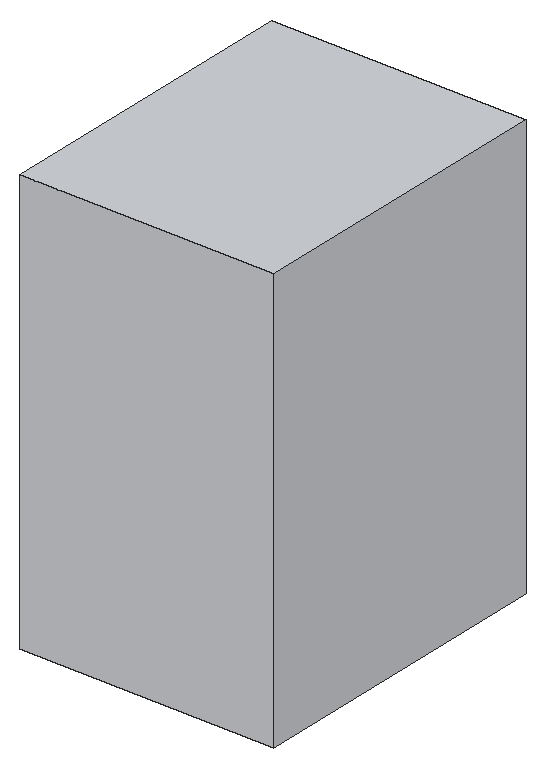
Revit family
Parameters
  d1 = 0' - 2 1/2"
  Warranty Duration (Years) = 0
  Unit Width [instance] = 0' - 0"
  Unit Height [instance] = 0' - 0"
  Unit Depth = 0' - 0"
  URL = "http://www.americanspecialties.com/viewCategories.cfm"
  Trim Material = Metal - Stainless Steel
  Test Data = ""
  Specification = "http://www.arcat.com/sdspecs/htm/10810asi.htm"
  SpecWizard = ""
  Send Message = "http://www.arcat.com/users.pl?action=UserEmail&company=American%20Specialties,%20Inc.&coid=30448&rep=139&fax=914-476-0688&mf="
  Sales Information = "http://www.americanspecialties.com/contact"
  Revision = "R1_10-2010"
  Product Properties = "http://www.americanspecialties.com/datasheets/0032.pdf"
  Product Data = "http://www.arcat.com/arcatcos/cos30/arc30448.html"
  Paper Roll = Paper
  Model = "As Specified in 10 28 13"
  Manufacturer Website = "http://www.americanspecialties.com/viewCategories.cfm"
  Manufacturer Phone - Toll Free = ""
  Manufacturer Phone = "914-476-9000 "
  Manufacturer Fax = "914-476-0688"
  Manufacturer Address = "441 Saw Mill River Rd., Yonkers, NY 10701"
  Manufacturer = "American Specialties, Inc."
  Maintenance Schedule (Months) = 0
  Keynote = "10 28 13"
  Installation-Fabrication = "http://www.americanspecialties.com/products.cfm"
  Green Building-LEED = ""
  Expected Lifespan (Years) = 0
  Drawn By = "Robert S. Weygant. CSI, CDT, SCIP"  # constant formula
  Description = "Toilet Accessory as Specified in 10 28 13"
  Default Elevation = 4' - 0"
  Copyright = "©Arcat Inc."
  Construction Details = "http://www.arcat.com/green/clients/leed_data_30448.html"
  Building Codes = "http://www.americanspecialties.com/products.cfm"
  Body Material = Metal - Stainless Steel
  Assembly Code = "C1030210"
Reference planes (in)
  plane 1 "Center (Front/Back)": y = -0.29112
  plane 2 "Floor Line": z = 0
  plane 3 "Center (Left/Right)": x = -0.65843
  plane 4 "A": z = -2.5
Forms (in)
  Extrusion 1, solid
    sketch origin (-3, -9, -6) x (0, 0, -1) y (1, 0, 0)
      loop
        line (-82, 26) -> (-82, -19.34712) -> (-6, -19.34712) -> (-6, 26) -> (-82, 26)
    from 15.29112 to -41.06337
  Extrusion 2, solid, material "Paper" <- "Paper Roll"
    sketch origin (-0.65843, 0, 0) x (0, 1, 0) y (0, 0, 1)
      loop
        circle (-3.33228, -0.25) r 2.5
      loop
        circle (2.75005, -0.25) r 2.5
    from -0.59559 to -6.21691
  Extrusion 3, solid, material "Metal - Stainless Steel" <- "Body Material"
    sketch origin (-6.8125, 0, -3.625) x (1, 0, 0) y (0, 1, 0)
      loop
        line (-0.15843, 5.67763) -> (-0.15843, -6.25987) -> (5.65407, -6.25987) -> (5.65407, 5.67763) -> (-0.15843, 5.67763)
      loop
        line (-0.09593, 5.61513) -> (-0.09593, -6.19737) -> (5.59157, -6.19737) -> (5.59157, 5.61513) -> (-0.09593, 5.61513)
    from 0.79232 to 5
  Extrusion 4, solid, material "Metal - Stainless Steel" <- "Body Material"
    sketch origin (0, 0, -2.5) x (-1, 0, 0) y (0, -1, 0)
      loop
        line (7.97093, -6.67763) -> (7.97093, 7.25987) -> (-6.65407, 7.25987) -> (-6.65407, -6.67763) -> (7.97093, -6.67763)
      loop
        line (6.97093, -5.67763) -> (6.97093, 6.25987) -> (1.15843, 6.25987) -> (1.15843, -5.67763) -> (6.97093, -5.67763)
      loop
        line (-5.65407, 6.25987) -> (-5.65407, -5.67763) -> (0.15843, -5.67763) -> (0.15843, 6.25987) -> (-5.65407, 6.25987)
    from 0 to -0.25
  Extrusion 5, solid, material "Paper" <- "Paper Roll"
    sketch origin (-0.65843, 0, -1) x (0, 1, 0) y (0, 0, -1)
      loop
        circle (-3.33228, 1.25) r 2.5
      loop
        circle (2.75005, 1.25) r 2.5
    from -0.59559 to -6.21691
  Extrusion 6, solid, material "Metal - Stainless Steel" <- "Body Material"
    sketch origin (5.49563, 0, 1.70165) x (1, 0, 0) y (0, 1, 0)
      loop
        line (0.15843, 5.67763) -> (-5.65407, 5.67763) -> (-5.65407, -6.25987) -> (0.15843, -6.25987) -> (0.15843, 5.67763)
    from 0 to 0.0625
  Extrusion 7, solid, material "Metal - Stainless Steel" <- "Body Material"
    sketch origin (5.49563, 0, -2.3125) x (0, 1, 0) y (-1, 0, 0)
      loop
        line (5.67763, -0.15843) -> (5.67763, 5.65407) -> (-6.25987, 5.65407) -> (-6.25987, -0.15843) -> (5.67763, -0.15843)
      loop
        line (5.61513, -0.09593) -> (5.61513, 5.59157) -> (-6.19737, 5.59157) -> (-6.19737, -0.09593) -> (5.61513, -0.09593)
    from -0.1875 to 4.16292
  Extrusion 8, solid, material "Metal - Stainless Steel" <- "Body Material"
    sketch origin (0, 0, 0) x (1, 0, 0) y (0, 1, 0)
      loop
        line (-7.97093, 6.67763) -> (-7.97093, -7.25987) -> (6.65407, -7.25987) -> (6.65407, 6.67763) -> (-7.97093, 6.67763)
      loop
        line (-6.97093, 5.67763) -> (-6.97093, -6.25987) -> (-1.15843, -6.25987) -> (-1.15843, 5.67763) -> (-6.97093, 5.67763)
      loop
        line (5.65407, -6.25987) -> (5.65407, 5.67763) -> (-0.15843, 5.67763) -> (-0.15843, -6.25987) -> (5.65407, -6.25987)
    from 0 to 0.25
  Extrusion 9, solid, material "Metal - Stainless Steel" <- "Body Material"
    sketch origin (-5.09593, 0, -4.75) x (0, 1, 0) y (0, 0, 1)
      loop
        line (5.67763, 5.125) -> (5.67763, 6.44755) -> (1.13386, 7.49656) -> (1.10001, 7.44023) -> (5.61513, 6.39783) -> (5.61513, 5.125) -> (5.67763, 5.125)
    from -1.9375 to 4
  Extrusion 10, solid, material "Metal - Stainless Steel" <- "Body Material"
    sketch origin (-7.03343, 0, -4.75) x (0, 1, 0) y (0, 0, 1)
      loop
        line (5.67763, 6.44755) -> (1.13386, 7.49656) -> (-0.07237, 5.125) -> (5.67763, 5.125) -> (5.67763, 6.44755)
    from 0 to 0.0625
  Extrusion 11, solid, material "Metal - Stainless Steel" <- "Body Material"
    sketch origin (-1.09593, 0, -4.75) x (0, 1, 0) y (0, 0, -1)
      loop
        line (5.67763, -6.44755) -> (5.67763, -5.125) -> (-0.07237, -5.125) -> (1.13386, -7.49656) -> (5.67763, -6.44755)
    from 0 to 0.0625
  Extrusion 12, solid, material "Metal - Stainless Steel" <- "Trim Material"
    sketch origin (0, -1.10618, 0.44138) x (1, 0, 0) y (0, 0.97437, -0.224951)
      loop
        circle (-4.06468, 4.52605) r 0.5
      loop
        line (-4.10676, 4.98569) -> (-4.10676, 4.0813) -> (-4.02766, 4.0813) -> (-4.02766, 4.98569) -> (-4.10676, 4.98569)
    from 2.75 to 2.8125
  Extrusion 13, solid, material "Metal - Stainless Steel" <- "Body Material"
    sketch origin (3.77907, 0, 3.75) x (0, 1, 0) y (0, 0, -1)
      loop
        line (5.67763, 6.625) -> (5.67763, 7.94755) -> (1.13386, 8.99656) -> (1.10001, 8.94023) -> (5.61513, 7.89783) -> (5.61513, 6.625) -> (5.67763, 6.625)
    from -1.9375 to 4
  Extrusion 14, solid, material "Metal - Stainless Steel" <- "Body Material"
    sketch origin (5.71657, 0, 3.75) x (0, 1, 0) y (0, 0, -1)
      loop
        line (5.67763, 7.94755) -> (1.13386, 8.99656) -> (-0.07237, 6.625) -> (5.67763, 6.625) -> (5.67763, 7.94755)
    from 0 to 0.0625
  Extrusion 15, solid, material "Metal - Stainless Steel" <- "Body Material"
    sketch origin (-0.22093, 0, 3.75) x (0, 1, 0) y (0, 0, 1)
      loop
        line (5.67763, -7.94755) -> (5.67763, -6.625) -> (-0.07237, -6.625) -> (1.13386, -8.99656) -> (5.67763, -7.94755)
    from 0 to 0.0625
  Extrusion 16, solid, material "Metal - Stainless Steel" <- "Body Material"
    sketch origin (-6.8125, 0, -2.77018) x (0, 1, 0) y (1, 0, 0)
      loop
        line (5.67763, -0.15843) -> (5.67763, 5.65407) -> (-6.25987, 5.65407) -> (-6.25987, -0.15843) -> (5.67763, -0.15843)
    from 0 to 0.0625
  Extrusion 17, solid, material "Paper" <- "Paper Roll"
    sketch origin (3.77907, 5.67763, -4.19755) x (0, -0.97437, -0.224951) y (-1, 0, 0)
      loop
        circle (1.4051, 0.92943) r 0.5
      loop
        line (0.94547, 0.88735) -> (1.84985, 0.88735) -> (1.84985, 0.96645) -> (0.94547, 0.96645) -> (0.94547, 0.88735)
    from 0 to 0.0625
  Extrusion 18, void
    sketch origin (0, 0, 0) x (1, 0, 0) y (0, 1, 0)
      loop
        line (-0.15843, 5.61513) -> (-0.15843, -6.19737) -> (5.65407, -6.19737) -> (5.65407, 5.61513) -> (-0.15843, 5.61513)
    from 0 to -2.5
  Extrusion 19, void
    sketch origin (-0.86392, 0, 0) x (1, 0, 0) y (0, 1, 0)
      loop
        line (-6.10701, 5.67763) -> (-6.10701, -6.25987) -> (-0.29451, -6.25987) -> (-0.29451, 5.67763) -> (-6.10701, 5.67763)
    from 0 to -2.5
Cuts and joins
  joined: Extrusion 6, Extrusion 7
  Extrusion 18, Extrusion 19 cuts Extrusion 8
  Extrusion 19 cuts Extrusion 9
  Extrusion 19 cuts Extrusion 10
  Extrusion 19 cuts Extrusion 11
Dimensions and locks (in)
  "d1": level to plane 4 "A"
  aligned and locked: Extrusion 1 to level
  aligned and locked: Extrusion 8 to plane 2 "Floor Line"
  aligned and locked: Extrusion 3 to Extrusion 16
  aligned and locked: Extrusion 7 to Extrusion 4
  aligned and locked: Extrusion 18 to Extrusion 4
Automatic sketch dimensions
  Extrusion 1 sketch curve to Extrusion 1 sketch curve = 6' - 4"
  Extrusion 1 sketch curve to Extrusion 1 sketch curve = 3' - 9.34712"
  Extrusion 2 sketch curve to level = 0' - 0 1/4"  (x2)
  plane 1 "Center (Front/Back)" to Extrusion 2 sketch curve = 0' - 3.04116"
  Extrusion 2 sketch curve to plane 1 "Center (Front/Back)" = 0' - 3.04116"
  Extrusion 3 sketch curve to plane 3 "Center (Left/Right)" = 0' - 6 5/16"
  Extrusion 3 sketch curve to Extrusion 3 sketch curve = 0' - 0 1/16"  (x4)
  Extrusion 3 sketch curve to plane 3 "Center (Left/Right)" = 0' - 0 9/16"
  plane 1 "Center (Front/Back)" to Extrusion 3 sketch curve = 0' - 5 31/32"
  Extrusion 3 sketch curve to plane 1 "Center (Front/Back)" = 0' - 5 29/32"
  plane 4 "A" to Extrusion 5 sketch curve = 0' - 0 1/4"  (x2)
  plane 1 "Center (Front/Back)" to Extrusion 5 sketch curve = 0' - 3.04116"
  Extrusion 5 sketch curve to plane 1 "Center (Front/Back)" = 0' - 3.04116"
  plane 3 "Center (Left/Right)" to Extrusion 6 sketch curve = 0' - 0 1/2"
  Extrusion 6 sketch curve to Extrusion 6 sketch curve = 0' - 5 13/16"
  plane 1 "Center (Front/Back)" to Extrusion 6 sketch curve = 0' - 5 31/32"
  Extrusion 6 sketch curve to plane 1 "Center (Front/Back)" = 0' - 5 31/32"
  plane 3 "Center (Left/Right)" to Extrusion 7 sketch curve = 0' - 0 1/2"
  plane 1 "Center (Front/Back)" to Extrusion 7 sketch curve = 0' - 5 31/32"
  Extrusion 7 sketch curve to Extrusion 7 sketch curve = 0' - 0 1/16"  (x3)
  plane 3 "Center (Left/Right)" to Extrusion 7 sketch curve = 0' - 0 9/16"
  Extrusion 7 sketch curve to plane 1 "Center (Front/Back)" = 0' - 5 29/32"
  Extrusion 7 sketch curve to Extrusion 7 sketch curve = 0' - 5 11/16"
  Extrusion 8 sketch curve to plane 3 "Center (Left/Right)" = 0' - 7 5/16"
  Extrusion 8 sketch curve to Extrusion 8 sketch curve = 0' - 1"  (x3)
  Extrusion 8 sketch curve to plane 3 "Center (Left/Right)" = 0' - 0 1/2"
  plane 3 "Center (Left/Right)" to Extrusion 8 sketch curve = 0' - 0 1/2"
  Extrusion 8 sketch curve to Extrusion 8 sketch curve = 0' - 5 13/16"
  plane 1 "Center (Front/Back)" to Extrusion 8 sketch curve = 0' - 6 31/32"
  plane 1 "Center (Front/Back)" to Extrusion 8 sketch curve = 0' - 5 31/32"
  Extrusion 8 sketch curve to Extrusion 8 sketch curve = 0' - 0"
  Extrusion 8 sketch curve to plane 1 "Center (Front/Back)" = 0' - 5 31/32"  (x2)
  Extrusion 9 sketch curve to plane 1 "Center (Front/Back)" = 0' - 1.39113"
  Extrusion 9 sketch curve to Extrusion 9 sketch curve = 0' - 0.03385"
  level to Extrusion 9 sketch curve = 0' - 0 3/8"
  Extrusion 9 sketch curve to Extrusion 9 sketch curve = 0' - 4.48127"
  Extrusion 9 sketch curve to Extrusion 9 sketch curve = 0' - 0 1/16"
  Extrusion 9 sketch curve to Extrusion 9 sketch curve = 0' - 1.27283"
  Extrusion 9 sketch curve to Extrusion 9 sketch curve = 0' - 0.04971"
  level to Extrusion 9 sketch curve = 0' - 2.69023"
  Extrusion 9 sketch curve to Extrusion 9 sketch curve = 0' - 0.05633"
  Extrusion 10 sketch curve to plane 1 "Center (Front/Back)" = 0' - 0 7/32"
  Extrusion 10 sketch curve to plane 1 "Center (Front/Back)" = 0' - 1.42498"
  level to Extrusion 10 sketch curve = 0' - 0 3/8"
  Extrusion 10 sketch curve to Extrusion 10 sketch curve = 0' - 4.54377"
  Extrusion 10 sketch curve to Extrusion 10 sketch curve = 0' - 1.32255"
  Extrusion 10 sketch curve to Extrusion 10 sketch curve = 0' - 2.37156"
  Extrusion 11 sketch curve to plane 1 "Center (Front/Back)" = 0' - 0 7/32"
  Extrusion 11 sketch curve to plane 1 "Center (Front/Back)" = 0' - 1.42498"
  level to Extrusion 11 sketch curve = 0' - 0 3/8"
  Extrusion 11 sketch curve to Extrusion 11 sketch curve = 0' - 4.54377"
  Extrusion 11 sketch curve to Extrusion 11 sketch curve = 0' - 1.32255"
  Extrusion 11 sketch curve to Extrusion 11 sketch curve = 0' - 2.37156"
  Extrusion 12 sketch curve to plane 3 "Center (Left/Right)" = 0' - 3.44833"
  Extrusion 12 sketch curve to Extrusion 12 sketch curve = 0' - 0.04208"
  Extrusion 12 sketch curve to Extrusion 12 sketch curve = 0' - 0.0791"
  Extrusion 12 sketch curve to Extrusion 12 sketch curve = 0' - 0.44475"
  Extrusion 12 sketch curve to Extrusion 12 sketch curve = 0' - 0.45963"
  Extrusion 13 sketch curve to plane 1 "Center (Front/Back)" = 0' - 1.39113"
  Extrusion 13 sketch curve to Extrusion 13 sketch curve = 0' - 0.03385"
  Extrusion 13 sketch curve to plane 4 "A" = 0' - 0 3/8"
  Extrusion 13 sketch curve to Extrusion 13 sketch curve = 0' - 4.48127"
  Extrusion 13 sketch curve to Extrusion 13 sketch curve = 0' - 0 1/16"
  Extrusion 13 sketch curve to Extrusion 13 sketch curve = 0' - 1.27283"
  Extrusion 13 sketch curve to Extrusion 13 sketch curve = 0' - 0.04971"
  Extrusion 13 sketch curve to plane 4 "A" = 0' - 2.69023"
  Extrusion 13 sketch curve to Extrusion 13 sketch curve = 0' - 0.05633"
  Extrusion 14 sketch curve to plane 1 "Center (Front/Back)" = 0' - 0 7/32"
  Extrusion 14 sketch curve to plane 1 "Center (Front/Back)" = 0' - 1.42498"
  Extrusion 14 sketch curve to plane 4 "A" = 0' - 0 3/8"
  Extrusion 14 sketch curve to Extrusion 14 sketch curve = 0' - 4.54377"
  Extrusion 14 sketch curve to Extrusion 14 sketch curve = 0' - 1.32255"
  Extrusion 14 sketch curve to Extrusion 14 sketch curve = 0' - 2.37156"
  Extrusion 15 sketch curve to plane 1 "Center (Front/Back)" = 0' - 0 7/32"
  Extrusion 15 sketch curve to plane 1 "Center (Front/Back)" = 0' - 1.42498"
  Extrusion 15 sketch curve to plane 4 "A" = 0' - 0 3/8"
  Extrusion 15 sketch curve to Extrusion 15 sketch curve = 0' - 4.54377"
  Extrusion 15 sketch curve to Extrusion 15 sketch curve = 0' - 1.32255"
  Extrusion 15 sketch curve to Extrusion 15 sketch curve = 0' - 2.37156"
  plane 1 "Center (Front/Back)" to Extrusion 16 sketch curve = 0' - 5 31/32"
  Extrusion 16 sketch curve to plane 1 "Center (Front/Back)" = 0' - 5 31/32"
  Extrusion 16 sketch curve to plane 3 "Center (Left/Right)" = 0' - 0 1/2"
  Extrusion 16 sketch curve to Extrusion 16 sketch curve = 0' - 5 13/16"
  plane 3 "Center (Left/Right)" to Extrusion 4 sketch curve = 0' - 7 5/16"
  Extrusion 4 sketch curve to Extrusion 4 sketch curve = 0' - 1"  (x3)
  plane 3 "Center (Left/Right)" to Extrusion 4 sketch curve = 0' - 0 1/2"
  Extrusion 4 sketch curve to plane 3 "Center (Left/Right)" = 0' - 0 1/2"
  Extrusion 4 sketch curve to Extrusion 4 sketch curve = 0' - 5 13/16"
  Extrusion 4 sketch curve to plane 1 "Center (Front/Back)" = 0' - 6 31/32"
  Extrusion 4 sketch curve to plane 1 "Center (Front/Back)" = 0' - 5 31/32"
  Extrusion 4 sketch curve to Extrusion 4 sketch curve = 0' - 0"  (x2)
  plane 1 "Center (Front/Back)" to Extrusion 4 sketch curve = 0' - 5 31/32"
  Extrusion 13 to Extrusion 17 sketch curve = 0' - 0.94547"
  Extrusion 17 sketch curve to Extrusion 17 sketch curve = 0' - 0.45963"
  Extrusion 17 sketch curve to Extrusion 17 sketch curve = 0' - 0.44475"
  Extrusion 13 to Extrusion 17 sketch curve = 0' - 2.82485"
  Extrusion 17 sketch curve to Extrusion 17 sketch curve = 0' - 0.04208"
  Extrusion 17 sketch curve to Extrusion 17 sketch curve = 0' - 0.0791"
  plane 3 "Center (Left/Right)" to Extrusion 18 sketch curve = 0' - 0 1/2"
  Extrusion 18 sketch curve to Extrusion 18 sketch curve = 0' - 5 13/16"
  plane 1 "Center (Front/Back)" to Extrusion 18 sketch curve = 0' - 5 29/32"
  Extrusion 18 sketch curve to plane 1 "Center (Front/Back)" = 0' - 5 29/32"
  Extrusion 19 sketch curve to plane 3 "Center (Left/Right)" = 0' - 6 5/16"
  Extrusion 19 sketch curve to plane 3 "Center (Left/Right)" = 0' - 0 1/2"
  plane 1 "Center (Front/Back)" to Extrusion 19 sketch curve = 0' - 5 31/32"
  Extrusion 19 sketch curve to plane 1 "Center (Front/Back)" = 0' - 5 31/32"
  radius of Extrusion 2 sketch curve = 0' - 2 1/2"  (x2)
  radius of Extrusion 5 sketch curve = 0' - 2 1/2"  (x2)
  radius of Extrusion 12 sketch curve = 0' - 0 1/2"
  radius of Extrusion 17 sketch curve = 0' - 0 1/2"
